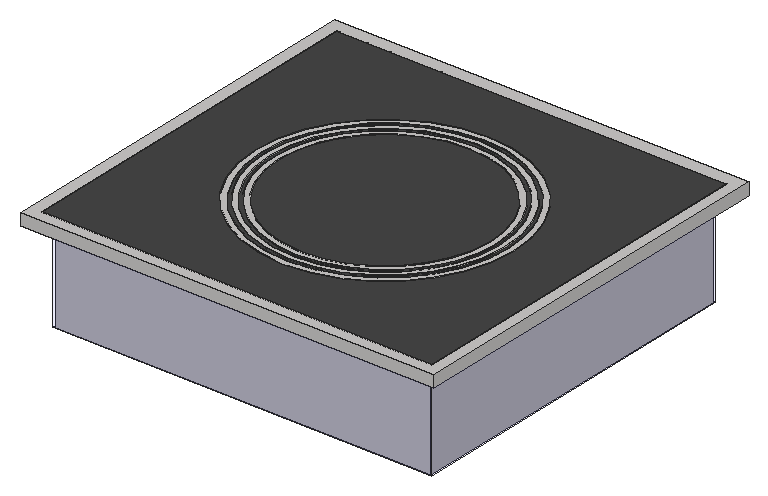
Revit family "QF_Vollrath_69521", category Specialty Equipment, Revit 2016
Family settings
  Part Type = Normal
  Round Connector Dimension = Use Diameter
  OmniClass Number = 23.40.40.14.17.14
  OmniClass Title = Hot Plates
  Work Plane-Based = No
  Always vertical = Yes
  Cut with Voids When Loaded = No
  Shared = No
  Room Calculation Point = No
Parameters (values of type "208V")
  Weight in Pounds = 25.4
  Watts = 2500 W
  Watermarked By = "http://revitwatermark.com"
  Volts = 208 V
  URL Cutsheet = ""
  URL = "www.vollrathco.com"
  Status [instance] = ""
  Specification by User [instance] = ""
  Specification by Manufacturer [instance] = ""
  Serial Number [instance] = ""
  Revision Code [instance] = ""
  Phase = 1
  Number of Poles = 1
  NAFEM Spec ID Number [instance] = ""
  Model = "69521"
  Masterspec [instance] = ""
  Manufacturer = "Vollrath"
  Item Number [instance] = "-"
  Installed By [instance] = ""
  Height AFF [instance] = 2' - 11"
  Furnished By [instance] = ""
  Foodservice Equipment Identifier [instance] = yes
  FL Amps = 12.1 A
  Electrical Remarks [instance] = ""
  Electric Connection Type [instance] = ""
  Elec Conn RI Height [instance] = 0' - 0"
  Elec Conn Connection Height [instance] = Height AFF - 0' 2 5/8"  # 2' - 8 3/8"
  Description = "Induction Range, Drop-In"
  Cycle = 60 Hz
  Conn Plug = "NEMA 6-20P"
  CSI MasterFormat = "11 44 00"
  Assembly Code = "E1090320"
  Apparent Power = Volts * FL Amps  # 2516.8 VA
Types (3): name | Watts | Volts | Apparent Power
  (no name) | 2500 W | 208 V | 2516.8 VA
  208V | 2500 W | 208 V | 2516.8 VA
  240V | 2900 W | 240 V | 2904 VA
Reference planes (in)
  plane 1 "BACK": y = 0
  plane 2: z = 0
  plane 3 "LEFT": x = -25.3466
  plane 4 "RIGHT": x = -7.7216
  plane 5 "FRONT": y = -16.75
  plane 6 "Bottom Left": x = -24.5341
  plane 7 "Bottom Right": x = -8.5341
  plane 8 "Bottom Back": y = -0.875
  plane 9 "Bottom Front": y = -15.875
  plane 10 "Table Top": z = 35
  plane 11 "BOTTOM": z = 30.5
  plane 12: z = 34.5
  plane 13: y = 3
  plane 14: z = 29.5
Forms (in)
  Extrusion 1, solid, material "QF_Finishes_Stainless Steel"
    sketch origin (0, 0, 30.5) x (0, 1, 0) y (-1, 0, 0)
      loop
        line (-0.875, 24.5341) -> (-15.875, 24.5341) -> (-15.875, 8.5341) -> (-0.875, 8.5341) -> (-0.875, 24.5341)
    from 0 to 4
  Extrusion 2, solid, material "QF_Finishes_Stainless Steel"
    sketch origin (0, 0, 35) x (0, 1, 0) y (-1, 0, 0)
      loop
        line (0, 25.3466) -> (-16.75, 25.3466) -> (-16.75, 7.7216) -> (0, 7.7216) -> (0, 25.3466)
      loop
        line (-16.25, 24.8466) -> (-16.25, 8.2216) -> (-0.5, 8.2216) -> (-0.5, 24.8466) -> (-16.25, 24.8466)
    from 0 to -0.5
  Extrusion 3, solid, material "QF_Finishes_Glazed Black"
    sketch origin (0, 0, 35) x (0, 1, 0) y (-1, 0, 0)
      loop
        line (-0.5, 24.8466) -> (-16.25, 24.8466) -> (-16.25, 8.2216) -> (-0.5, 8.2216) -> (-0.5, 24.8466)
      loop
        circle (-8.5, 16.4091) r 5.5
      loop
        circle (-8.5, 16.4091) r 5.25
      loop
        circle (-8.5, 16.4091) r 5.125
      loop
        circle (-8.5, 16.4091) r 4.875
      loop
        circle (-8.5, 16.4091) r 4.75
      loop
        circle (-8.5, 16.4091) r 4.5
    from 0 to -0.5
  Extrusion 4, solid, material "QF_Finishes_Stainless Steel"
    sketch origin (0.125, -0.125, 35) x (0, 1, 0) y (-1, 0, 0)
      loop
        circle (-8.375, 16.5341) r 5.5
      loop
        circle (-8.375, 16.5341) r 5.25
      loop
        circle (-8.375, 16.5341) r 5.125
      loop
        circle (-8.375, 16.5341) r 4.875
      loop
        circle (-8.375, 16.5341) r 4.75
      loop
        circle (-8.375, 16.5341) r 4.5
    from 0 to -0.5
  Extrusion 5, solid, material "QF_Finishes_Clearances", detail levels coarse
    sketch origin (0, 0, 30.5) x (0, 1, 0) y (-1, 0, 0)
      loop
        line (3, 25.3466) -> (0, 25.3466) -> (0, 7.7216) -> (3, 7.7216) -> (3, 25.3466)
    from -1 to 4
  Extrusion 6, solid, material "QF_Finishes_Clearances", detail levels coarse
    sketch origin (0, 0, 30.5) x (0, 1, 0) y (-1, 0, 0)
      loop
        line (0, 25.3466) -> (-16.75, 25.3466) -> (-16.75, 7.7216) -> (0, 7.7216) -> (0, 25.3466)
    from 0 to -1
  Extrusion 7, solid, material "QF_Finishes_Clearances"
    sketch origin (0, 0, 30.5) x (0, 1, 0) y (-1, 0, 0)
      loop
        line (-0.875, 8.5341) -> (-0.875, 24.5341) -> (-15.875, 24.5341) -> (-15.875, 8.5341) -> (-0.875, 8.5341)
      loop
        line (-0.8125, 8.4716) -> (-0.8125, 24.5966) -> (-15.9375, 24.5966) -> (-15.9375, 8.4716) -> (-0.8125, 8.4716)
    from 0 to 4
Lines and regions (in)
  symbolic lines
    curve 1: line (-25.3466, 0, 30.5) -> (-7.7216, 0, 30.5)
    curve 2: line (-25.3466, -16.75, 30.5) -> (-25.3466, 0, 30.5)
    curve 3: line (-7.7216, -16.75, 30.5) -> (-25.3466, -16.75, 30.5)
    curve 4: line (-7.7216, 0, 30.5) -> (-7.7216, -16.75, 30.5)
    curve 5: line (-24.8466, -0.5, 30.5) -> (-24.8466, -16.25, 30.5)
    curve 6: line (-8.2216, -0.5, 30.5) -> (-24.8466, -0.5, 30.5)
    curve 7: line (-8.2216, -16.25, 30.5) -> (-8.2216, -0.5, 30.5)
    curve 8: line (-24.8466, -16.25, 30.5) -> (-8.2216, -16.25, 30.5)
    curve 9: arc (-16.4091, -14, 30.5) -> (-10.9091, -8.5, 30.5) -> (-16.4091, -3, 30.5) r 5.5
    curve 10: arc (-16.4091, -3, 30.5) -> (-21.9091, -8.5, 30.5) -> (-16.4091, -14, 30.5) r 5.5
    curve 11: arc (-16.4091, -3.375, 30.5) -> (-21.5341, -8.5, 30.5) -> (-16.4091, -13.625, 30.5) r 5.125
    curve 12: arc (-16.4091, -3.75, 30.5) -> (-21.1591, -8.5, 30.5) -> (-16.4091, -13.25, 30.5) r 4.75
    curve 13: arc (-16.4091, -13.625, 30.5) -> (-11.2841, -8.5, 30.5) -> (-16.4091, -3.375, 30.5) r 5.125
    curve 14: arc (-16.4091, -13.25, 30.5) -> (-11.6591, -8.5, 30.5) -> (-16.4091, -3.75, 30.5) r 4.75
  symbolic lines, style "QF_Clearances"
    curve 15: line (-25.3466, 3, 30.5) -> (-7.7216, 3, 30.5)
  model lines, style "QF_Cutout"
    curve 16: line (-24.5966, -15.9375, 35) -> (-24.5966, -15.9375, 41)
    curve 17: line (-8.4716, -15.9375, 35) -> (-8.4716, -15.9375, 41)
    curve 18: line (-24.5966, -0.8125, 35) -> (-24.5966, -0.8125, 41)
    curve 19: line (-8.4716, -0.8125, 35) -> (-8.4716, -0.8125, 41)
Dimensions and locks (in)
  locked: plane 4 "RIGHT" to plane 3 "LEFT" at 17.625
  locked: plane 5 "FRONT" to plane 1 "BACK" at 16.75
  locked: plane 3 "LEFT" to plane 6 "Bottom Left" at 0.8125
  locked: plane 7 "Bottom Right" to plane 4 "RIGHT" at 0.8125
  locked: plane 1 "BACK" to plane 8 "Bottom Back" at 0.875
  locked: plane 9 "Bottom Front" to plane 5 "FRONT" at 0.875
  "Height AFF": plane 10 "Table Top" to plane 2
  locked: plane 10 "Table Top" to plane 12 at 0.5
  locked: plane 10 "Table Top" to plane 11 "BOTTOM" at 4.5
  locked: Extrusion 2 sketch curve to plane 5 "FRONT" at 0.5
  locked: Extrusion 2 sketch curve to plane 1 "BACK" at 0.5
  locked: plane 3 "LEFT" to Extrusion 2 sketch curve at 0.5
  locked: Extrusion 2 sketch curve to plane 4 "RIGHT" at 0.5
  locked: Extrusion 3 sketch curve to plane 1 "BACK" at 0.5
  locked: Extrusion 3 sketch curve to plane 5 "FRONT" at 0.5
  locked: plane 3 "LEFT" to Extrusion 3 sketch curve at 0.5
  locked: Extrusion 3 sketch curve to plane 4 "RIGHT" at 0.5
  locked: plane 13 to plane 1 "BACK" at 3
  locked: plane 11 "BOTTOM" to plane 14 at 1
  locked: Extrusion 7 sketch curve to plane 6 "Bottom Left" at 0.0625
  locked: plane 7 "Bottom Right" to Extrusion 7 sketch curve at 0.0625
  locked: Extrusion 7 sketch curve to plane 8 "Bottom Back" at 0.0625
  locked: Extrusion 7 sketch curve to plane 9 "Bottom Front" at 0.0625
  aligned and locked: level to plane 2
  aligned and locked: Extrusion 1 sketch curve to plane 8 "Bottom Back"
  aligned and locked: plane 6 "Bottom Left" to Extrusion 1 sketch curve
  aligned and locked: plane 9 "Bottom Front" to Extrusion 1 sketch curve
  aligned and locked: Extrusion 1 sketch curve to plane 7 "Bottom Right"
  aligned and locked: plane 12 to Extrusion 1
  aligned and locked: plane 1 "BACK" to Extrusion 2 sketch curve
  aligned and locked: plane 3 "LEFT" to Extrusion 2 sketch curve
  aligned and locked: Extrusion 2 sketch curve to plane 5 "FRONT"
  aligned and locked: Extrusion 2 sketch curve to plane 4 "RIGHT"
  aligned and locked: Extrusion 2 to plane 12
  aligned and locked: Extrusion 3 to plane 12
  aligned and locked: Extrusion 4 to plane 12
  aligned and locked: Extrusion 5 sketch curve to plane 13
  aligned and locked: Extrusion 5 sketch curve to plane 4 "RIGHT"
  aligned and locked: Extrusion 5 sketch curve to plane 1 "BACK"
  aligned and locked: plane 3 "LEFT" to Extrusion 5 sketch curve
  aligned: plane 10 "Table Top" to Extrusion 5
  aligned and locked: plane 3 "LEFT" to Extrusion 6 sketch curve
  aligned and locked: plane 1 "BACK" to Extrusion 6 sketch curve
  aligned and locked: Extrusion 6 sketch curve to plane 4 "RIGHT"
  aligned and locked: Extrusion 6 sketch curve to plane 5 "FRONT"
  aligned and locked: Extrusion 6 to plane 14
  aligned and locked: Extrusion 5 to plane 14
  aligned and locked: plane 1 "BACK" to curve 1
  aligned and locked: curve 4 to plane 4 "RIGHT"
  aligned and locked: plane 3 "LEFT" to curve 2
  aligned and locked: curve 3 to plane 5 "FRONT"
  aligned and locked: curve 5 to Extrusion 3
  aligned and locked: curve 6 to Extrusion 3
  aligned and locked: curve 7 to Extrusion 3
  aligned and locked: curve 8 to Extrusion 3
  aligned and locked: curve 9 to Extrusion 4
  aligned and locked: curve 10 to Extrusion 4
  aligned and locked: curve 11 to Extrusion 4
  aligned and locked: curve 12 to Extrusion 4
  aligned and locked: curve 13 to Extrusion 4
  aligned and locked: curve 14 to Extrusion 4
  aligned and locked: curve 15 to plane 13
  aligned and locked: plane 12 to Extrusion 5
  aligned and locked: Extrusion 7 sketch curve to plane 9 "Bottom Front"
  aligned and locked: Extrusion 7 sketch curve to plane 6 "Bottom Left"
  aligned and locked: plane 7 "Bottom Right" to Extrusion 7 sketch curve
  aligned and locked: plane 8 "Bottom Back" to Extrusion 7 sketch curve
  aligned and locked: plane 12 to Extrusion 7
Automatic sketch dimensions
  Extrusion 3 sketch curve to plane 8 "Bottom Back" = 0' - 7 5/8"
  plane 6 "Bottom Left" to Extrusion 3 sketch curve = 0' - 8 1/8"
  Extrusion 3 sketch curve to Extrusion 3 sketch curve = 0' - 0"  (x10)
  Extrusion 4 sketch curve to plane 8 "Bottom Back" = 0' - 7 5/8"
  plane 6 "Bottom Left" to Extrusion 4 sketch curve = 0' - 8 1/8"
  Extrusion 4 sketch curve to Extrusion 4 sketch curve = 0' - 0"  (x10)
  curve 16 to Extrusion 7 = 0' - 0"
  curve 17 to Extrusion 7 = 0' - 0"
  curve 17 to Extrusion 7 = 0' - 0 1/2"
  curve 16 to Extrusion 7 = 0' - 0 1/2"
  curve 17 to curve 17 = 0' - 6"
  curve 16 to curve 16 = 0' - 6"
  Extrusion 7 to curve 19 = 0' - 0"
  Extrusion 7 to curve 18 = 0' - 0"
  curve 19 to Extrusion 7 = 0' - 0 1/2"
  curve 18 to Extrusion 7 = 0' - 0 1/2"
  curve 19 to curve 19 = 0' - 6"
  curve 18 to curve 18 = 0' - 6"
  curve 15 to plane 4 "RIGHT" = 0' - 0"
  curve 15 to plane 3 "LEFT" = 0' - 0"
  radius of Extrusion 3 sketch curve = 0' - 5 1/2"
  radius of Extrusion 3 sketch curve = 0' - 5 1/4"
  radius of Extrusion 3 sketch curve = 0' - 5 1/8"
  radius of Extrusion 3 sketch curve = 0' - 4 7/8"
  radius of Extrusion 3 sketch curve = 0' - 4 3/4"
  radius of Extrusion 3 sketch curve = 0' - 4 1/2"
  radius of Extrusion 4 sketch curve = 0' - 5 1/2"
  radius of Extrusion 4 sketch curve = 0' - 5 1/4"
  radius of Extrusion 4 sketch curve = 0' - 5 1/8"
  radius of Extrusion 4 sketch curve = 0' - 4 7/8"
  radius of Extrusion 4 sketch curve = 0' - 4 3/4"
  radius of Extrusion 4 sketch curve = 0' - 4 1/2"
Connectors (in)
  electrical at (-16.5341, -0.875, 32.5), driven by "Number of Poles", driven by "Volts", driven by "Apparent Power"
    settings: on Extrusion 1, index 1, voltage 208 V, apparent load 2516.8 VA, apparent load phase1 0 VA, apparent load phase2 0 VA, apparent load phase3 0 VA, power factor 1, load classification "Other", number of poles 1, system type 30, power factor state 1, is connector primary yes, connector utility no, sub classification motor no, connector description "Electric"
